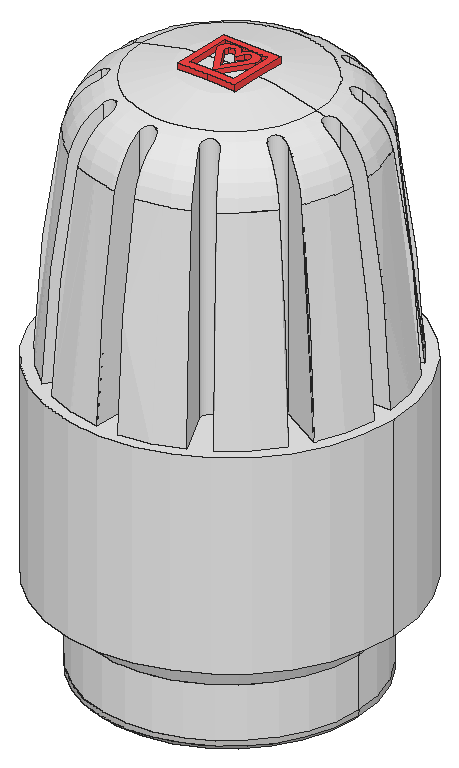
Revit family "Термостатическая головка ГЕРЦКУЛЕС в сверхпрочном исполнении,  с присоединительной резьбой М 28х1.5, 9860", category Rohrzubehör, Revit 2018
Family settings
  Bemaßung runder Anschluss = Durchmesser verwenden
  Teiletyp = Normal
  OmniClass-Nummer = 23.65.55.14
  OmniClass-Titel = Valves for Liquid Services
  Arbeitsebenenbasiert = Nein
  Immer vertikal = Nein
  Beim Laden mit Abzugskörper schneiden = Nein
  Gemeinsam genutzt = Nein
Parameters
  Принцип действия = "HERZ-термостатическая головка является датчиком прямого регулирования.\r\nИзменение объема жидкости в HERZ-гидросенсоре приводит в движение шток клапана."
  Область применения = "\"ГЕРЦКУЛЕС\" термостатическая головка предназначена для монтажа на всех HERZ-клапанах, предназначенных для термостатической работы."
  Номер заказа = 1986010  # constant formula
  Маховик = "Пластик, белый"  # constant formula
  Исполнение = "Термостатическая головка \"ГЕРЦКУЛЕС\" в сверхпрочном исполнении с защитой от вандализма, кражи и неумелого обращения. Монтаж, демонтаж и настройка необходимых значений возможны только с помощью специальных ключей. Положение настройки блокируется, заблокированная позиция настройки в рабочем состоянии скрыта от доступа.  С позицией морозозащиты."
  Диапазон регулирования = "8 - 26°C"  # constant formula
  URL = "www.herz-armaturen.ru"
  S02 = 60.000 mm  # constant formula
  S01 = 81.000 mm  # constant formula
  Hersteller = "HERZ Armaturen Ges.m.b.H."  # constant formula
Reference planes
  plane 1 "Mitte (Vorne/hinten)": y = 0
  plane 2: z = 0
  plane 3 "Mitte (Links/rechts)": x = 0
Forms (mm)
  Revolve 1, solid, material "Kunststoff weiß", detail levels fine
    sketch origin (0, 0, 0) x (1, 0, 0) y (0, 0, 1)
      loop
        line (-20.5, -3.5) -> (-14, -3.5) -> (-14, 0) -> (0, 0) -> (0, 81)
        arc (0, 81) -> (-6.982, 80.51) -> (-13.827, 79.05) r 50
        arc (-13.827, 79.05) -> (-18.34, 76.173) -> (-20.722, 71.381) r 10
        arc (-20.722, 71.381) -> (-23.123, 55.561) -> (-24.254, 39.6) r 200.5
        line (-24.254, 39.6) -> (-26, 39.6) -> (-26, 9) -> (-23.156, 9) -> (-20.5, 4.4) -> (-20.5, -3.5)
      axis (0, 81) -> (0, -3.5)
    angle from 0 to 360
  Revolve 2, solid, material "Messing verzinkt", detail levels fine
    sketch origin (0, 0, -5) x (1, 0, 0) y (0, 0, 1)
      loop
        line (-14, 0) -> (-14, 1.5) -> (-20.5, 1.5) -> (-20.5, 0.7) -> (-19.8, 0) -> (-14, 0)
      axis (0, 1.5) -> (0, 0)
    angle from 0 to 360
  Extrusion 3, void
    sketch origin (0, 0, 0) x (1, 0, 0) y (0, 1, 0)
      loop
        line (1.7, -24.289) -> (1.331, -16.288)
        arc (1.331, -16.288) -> (-0.021, -15) -> (-1.366, -16.294) r 1.35
        line (-1.366, -16.294) -> (-1.7, -24.292)
        arc (-1.7, -24.292) -> (0, -24.35) -> (1.7, -24.289) r 24.35
      loop
        arc (-13.65, -20.176) -> (-12.208, -21.079) -> (-10.707, -21.879) r 24.35
        line (-10.707, -21.879) -> (-6.996, -14.785)
        arc (-6.996, -14.785) -> (-7.515, -12.992) -> (-9.329, -13.431) r 1.35
        line (-9.329, -13.431) -> (-13.65, -20.176)
      loop
        line (-20.194, -13.632) -> (-13.449, -9.312)
        arc (-13.449, -9.312) -> (-13.009, -7.497) -> (-14.803, -6.979) r 1.35
        line (-14.803, -6.979) -> (-21.896, -10.689)
        arc (-21.896, -10.689) -> (-21.097, -12.19) -> (-20.194, -13.632) r 24.35
      loop
        arc (-24.307, 1.718) -> (-24.368, 0.018) -> (-24.309, -1.682) r 24.35
        line (-24.309, -1.682) -> (-16.311, -1.349)
        arc (-16.311, -1.349) -> (-15.018, -0.003) -> (-16.305, 1.349) r 1.35
        line (-16.305, 1.349) -> (-24.307, 1.718)
      loop
        arc (1.7, 24.289) -> (0, 24.35) -> (-1.7, 24.292) r 24.35
        line (-1.7, 24.292) -> (-1.366, 16.294)
        arc (-1.366, 16.294) -> (-0.021, 15) -> (1.331, 16.288) r 1.35
        line (1.331, 16.288) -> (1.7, 24.289)
      loop
        line (-13.65, 20.176) -> (-9.329, 13.431)
        arc (-9.329, 13.431) -> (-7.515, 12.992) -> (-6.996, 14.785) r 1.35
        line (-6.996, 14.785) -> (-10.707, 21.879)
        arc (-10.707, 21.879) -> (-12.208, 21.079) -> (-13.65, 20.176) r 24.35
      loop
        arc (-20.194, 13.632) -> (-21.097, 12.19) -> (-21.896, 10.689) r 24.35
        line (-21.896, 10.689) -> (-14.803, 6.979)
        arc (-14.803, 6.979) -> (-13.009, 7.497) -> (-13.449, 9.312) r 1.35
        line (-13.449, 9.312) -> (-20.194, 13.632)
      loop
        line (24.307, 1.718) -> (16.305, 1.349)
        arc (16.305, 1.349) -> (15.018, -0.003) -> (16.311, -1.349) r 1.35
        line (16.311, -1.349) -> (24.309, -1.682)
        arc (24.309, -1.682) -> (24.368, 0.018) -> (24.307, 1.718) r 24.35
      loop
        arc (13.65, 20.176) -> (12.208, 21.079) -> (10.707, 21.879) r 24.35
        line (10.707, 21.879) -> (6.996, 14.785)
        arc (6.996, 14.785) -> (7.515, 12.992) -> (9.329, 13.431) r 1.35
        line (9.329, 13.431) -> (13.65, 20.176)
      loop
        line (20.194, 13.632) -> (13.449, 9.312)
        arc (13.449, 9.312) -> (13.009, 7.497) -> (14.803, 6.979) r 1.35
        line (14.803, 6.979) -> (21.896, 10.689)
        arc (21.896, 10.689) -> (21.097, 12.19) -> (20.194, 13.632) r 24.35
      loop
        line (13.65, -20.176) -> (9.329, -13.431)
        arc (9.329, -13.431) -> (7.515, -12.992) -> (6.996, -14.785) r 1.35
        line (6.996, -14.785) -> (10.707, -21.879)
        arc (10.707, -21.879) -> (12.208, -21.079) -> (13.65, -20.176) r 24.35
      loop
        arc (20.194, -13.632) -> (21.097, -12.19) -> (21.896, -10.689) r 24.35
        line (21.896, -10.689) -> (14.803, -6.979)
        arc (14.803, -6.979) -> (13.009, -7.497) -> (13.449, -9.312) r 1.35
        line (13.449, -9.312) -> (20.194, -13.632)
    from 39.6 to 90
Cuts and joins
  Extrusion 3 cuts Revolve 1
Lines and regions (mm)
  model lines, detail levels coarse+medium
    curve 1: line (0, 0, 0) -> (0, 0, 21)
    curve 2: line (0, -0.017, 0) -> (0, 21, 0)
    curve 3: circle (0, 0, 51) r 30 normal (0, -1, 0)
    curve 4: circle (0, 0, 51) r 30 normal (1, 0, 0)
    curve 5: line (0, 0, 31) -> (0, 0, 71)
    curve 6: line (0, 17.5, 71) -> (0, -17.5, 71)
    curve 7: line (0, 0, 31) -> (0, 0, 71)
    curve 8: line (-17.5, 0, 71) -> (17.5, 0, 71)
    curve 9: circle (0, 51, 0) r 30 normal (0, 0, 1)
    curve 10: line (0, 31, 0) -> (0, 71, 0)
    curve 11: line (-17.5, 71, 0) -> (17.5, 71, 0)
Dimensions and locks
  nested 1 to plane 2 = 80.000 mm
  "S01": curve 4 to plane 2
  "S01": curve 3 to plane 2
  "S01": plane 1 "Mitte (Vorne/hinten)" to curve 9
  "S02": diameter of curve 3
  "S02": diameter of curve 4
  "S02": diameter of curve 9
  aligned and locked: level to plane 2
Automatic sketch dimensions
  Revolve 1 sketch curve to level = 0.000 mm
  Revolve 1 sketch curve to plane 3 "Mitte (Links/rechts)" = 0.000 mm  (x2)
  Revolve 1 sketch curve to plane 3 "Mitte (Links/rechts)" = 10.903 mm
  Revolve 1 sketch curve to plane 3 "Mitte (Links/rechts)" = 14.000 mm
  Revolve 1 sketch curve to Revolve 1 sketch curve = 6.500 mm
  level to Revolve 1 sketch curve = 9.000 mm
  Revolve 1 sketch curve to Revolve 1 sketch curve = 2.656 mm
  Revolve 1 sketch curve to plane 3 "Mitte (Links/rechts)" = 24.254 mm
  Revolve 1 sketch curve to Revolve 1 sketch curve = 1.746 mm
  level to Revolve 1 sketch curve = 33.411 mm
  plane 3 "Mitte (Links/rechts)" to Revolve 1 sketch curve = 176.150 mm
  Revolve 1 sketch curve to level = 3.500 mm
  level to Revolve 1 sketch curve = 4.400 mm
  level to Revolve 1 sketch curve = 31.000 mm
  Revolve 1 sketch curve to Revolve 1 sketch curve = 8.600 mm
  Revolve 1 sketch curve to Revolve 1 sketch curve = 29.887 mm
  Revolve 1 sketch curve to Revolve 1 sketch curve = 11.513 mm
  Revolve 1 sketch curve to Revolve 1 sketch curve = 2.925 mm
  level to Revolve 1 sketch curve = 5.000 mm
  Revolve 1 sketch curve to Revolve 1 sketch curve = 2133.315 mm
  Revolve 2 sketch curve to plane 3 "Mitte (Links/rechts)" = 0.000 mm
  Revolve 2 sketch curve to level = 5.000 mm
  Revolve 2 sketch curve to plane 3 "Mitte (Links/rechts)" = 14.000 mm
  Revolve 2 sketch curve to Revolve 2 sketch curve = 5.800 mm
  Revolve 2 sketch curve to Revolve 2 sketch curve = 0.700 mm  (x2)
  Revolve 2 sketch curve to Revolve 2 sketch curve = 1.500 mm
  Revolve 2 sketch curve to Revolve 2 sketch curve = 366.045 mm
  level to Revolve 2 sketch curve = 2209.315 mm
  Extrusion 3 sketch curve to Extrusion 3 sketch curve = 0.000 mm  (x62)
  plane 1 "Mitte (Vorne/hinten)" to Extrusion 3 sketch curve = 0.000 mm  (x4)
  plane 1 "Mitte (Vorne/hinten)" to Extrusion 3 sketch curve = 1.682 mm  (x2)
  Extrusion 3 sketch curve to plane 3 "Mitte (Links/rechts)" = 24.309 mm
  Extrusion 3 sketch curve to plane 1 "Mitte (Vorne/hinten)" = 1.718 mm  (x2)
  Extrusion 3 sketch curve to Extrusion 3 sketch curve = 0.002 mm
  plane 1 "Mitte (Vorne/hinten)" to Extrusion 3 sketch curve = 10.689 mm  (x2)
  Extrusion 3 sketch curve to Extrusion 3 sketch curve = 2.413 mm
  plane 1 "Mitte (Vorne/hinten)" to Extrusion 3 sketch curve = 13.632 mm
  Extrusion 3 sketch curve to Extrusion 3 sketch curve = 4.113 mm
  Extrusion 3 sketch curve to Extrusion 3 sketch curve = 7.942 mm
  plane 1 "Mitte (Vorne/hinten)" to Extrusion 3 sketch curve = 1.349 mm  (x2)
  Extrusion 3 sketch curve to Extrusion 3 sketch curve = 0.056 mm
  Extrusion 3 sketch curve to plane 1 "Mitte (Vorne/hinten)" = 1.349 mm  (x2)
  Extrusion 3 sketch curve to plane 1 "Mitte (Vorne/hinten)" = 6.979 mm  (x2)
  Extrusion 3 sketch curve to Extrusion 3 sketch curve = 1.503 mm  (x4)
  plane 1 "Mitte (Vorne/hinten)" to Extrusion 3 sketch curve = 6.979 mm  (x2)
  Extrusion 3 sketch curve to Extrusion 3 sketch curve = 1.509 mm
  Extrusion 3 sketch curve to Extrusion 3 sketch curve = 0.626 mm  (x6)
  Extrusion 3 sketch curve to Extrusion 3 sketch curve = 6.544 mm  (x2)
  Extrusion 3 sketch curve to plane 1 "Mitte (Vorne/hinten)" = 9.312 mm
  Extrusion 3 sketch curve to Extrusion 3 sketch curve = 0.728 mm  (x6)
  plane 1 "Mitte (Vorne/hinten)" to Extrusion 3 sketch curve = 9.312 mm
  Extrusion 3 sketch curve to Extrusion 3 sketch curve = 2.943 mm  (x4)
  Extrusion 3 sketch curve to Extrusion 3 sketch curve = 4.120 mm  (x6)
  Extrusion 3 sketch curve to Extrusion 3 sketch curve = 1.137 mm  (x4)
  Extrusion 3 sketch curve to Extrusion 3 sketch curve = 1.196 mm  (x5)
  Extrusion 3 sketch curve to plane 3 "Mitte (Links/rechts)" = 1.700 mm  (x2)
  Extrusion 3 sketch curve to plane 3 "Mitte (Links/rechts)" = 1.366 mm  (x2)
  Extrusion 3 sketch curve to plane 3 "Mitte (Links/rechts)" = 0.018 mm  (x2)
  plane 3 "Mitte (Links/rechts)" to Extrusion 3 sketch curve = 0.018 mm
  plane 3 "Mitte (Links/rechts)" to Extrusion 3 sketch curve = 1.331 mm  (x2)
  plane 3 "Mitte (Links/rechts)" to Extrusion 3 sketch curve = 1.700 mm  (x2)
  Extrusion 3 sketch curve to Extrusion 3 sketch curve = 5.665 mm  (x2)
  Extrusion 3 sketch curve to Extrusion 3 sketch curve = 3.710 mm  (x2)
  Extrusion 3 sketch curve to Extrusion 3 sketch curve = 0.006 mm  (x3)
  Extrusion 3 sketch curve to Extrusion 3 sketch curve = 6.745 mm  (x6)
  Extrusion 3 sketch curve to Extrusion 3 sketch curve = 1.702 mm  (x3)
  Extrusion 3 sketch curve to plane 1 "Mitte (Vorne/hinten)" = 10.689 mm  (x2)
  Extrusion 3 sketch curve to Extrusion 3 sketch curve = 8.002 mm  (x3)
  Extrusion 3 sketch curve to Extrusion 3 sketch curve = 7.181 mm
  Extrusion 3 sketch curve to Extrusion 3 sketch curve = 4.848 mm
  Extrusion 3 sketch curve to Extrusion 3 sketch curve = 2.333 mm
  Extrusion 3 sketch curve to Extrusion 3 sketch curve = 4.320 mm
  curve 5 to plane 1 "Mitte (Vorne/hinten)" = 0.000 mm
  curve 4 to plane 1 "Mitte (Vorne/hinten)" = 0.000 mm
  plane 1 "Mitte (Vorne/hinten)" to curve 6 = 17.500 mm
  curve 5 to curve 6 = 17.500 mm
  curve 5 to curve 4 = 20.000 mm
  curve 4 to curve 6 = 20.000 mm
  curve 3 to plane 3 "Mitte (Links/rechts)" = 0.000 mm
  curve 7 to plane 3 "Mitte (Links/rechts)" = 0.000 mm
  curve 1 to plane 3 "Mitte (Links/rechts)" = 0.000 mm
  curve 1 to level = 0.000 mm
  curve 8 to curve 7 = 17.500 mm
  plane 3 "Mitte (Links/rechts)" to curve 8 = 17.500 mm
  curve 1 to curve 7 = 10.000 mm
  curve 3 to curve 8 = 20.000 mm
  curve 9 to plane 3 "Mitte (Links/rechts)" = 0.000 mm
  curve 10 to plane 3 "Mitte (Links/rechts)" = 0.000 mm
  curve 2 to plane 3 "Mitte (Links/rechts)" = 0.000 mm
  curve 11 to curve 10 = 17.500 mm
  plane 3 "Mitte (Links/rechts)" to curve 11 = 17.500 mm
  plane 1 "Mitte (Vorne/hinten)" to curve 2 = 0.017 mm
  curve 2 to curve 10 = 10.000 mm
  curve 9 to curve 11 = 20.000 mm
Nested families
  nested 1: "Herz-Logo" at (0, 0, 80), type "Herz-Logo", detail levels fine
Definition of nested family "Herz-Logo"
  Reference planes
    plane 1 "Mitte (Vorne/hinten)": y = 0
    plane 2: z = 0
    plane 3 "Mitte (Links/rechts)": x = 0
  Forms (mm)
    Extrusion 1, solid
      sketch origin (0, 0, 0) x (1, 0, 0) y (0, 1, 0)
        loop
          line (-0.018, -4.517) -> (4.482, -4.517) -> (4.482, 4.483) -> (-4.518, 4.483) -> (-4.518, -4.517) -> (-0.018, -4.517)
        loop
          line (-0.05, -3.48) -> (3.482, -3.48) -> (3.482, 3.483) -> (-3.518, 3.483) -> (-3.518, -3.48) -> (-0.05, -3.48)
        loop
          arc (-0.018, 2.383) -> (-1.543, 3.287) -> (-3.067, 2.383) r 1.738
          arc (-3.067, 2.383) -> (-3.191, 1.899) -> (-3.067, 1.415) r 1.009
          line (-3.067, 1.415) -> (-0.018, -3.281) -> (3.032, 1.415)
          arc (3.032, 1.415) -> (3.156, 1.899) -> (3.032, 2.383) r 1.009
          arc (3.032, 2.383) -> (1.507, 3.287) -> (-0.018, 2.383) r 1.738
        loop
          arc (1.885, 1.272) -> (2.005, 1.675) -> (1.885, 2.079) r 0.74
          arc (1.885, 2.079) -> (1.265, 2.416) -> (0.644, 2.079) r 0.74
          line (0.644, 2.079) -> (-0.018, 0.97) -> (-0.679, 2.079)
          arc (-0.679, 2.079) -> (-1.3, 2.416) -> (-1.921, 2.079) r 0.74
          arc (-1.921, 2.079) -> (-2.04, 1.675) -> (-1.921, 1.272) r 0.74
          line (-1.921, 1.272) -> (-0.018, -1.658) -> (1.885, 1.272)
      from 0 to 1.5
  Dimensions and locks
    aligned and locked: level to plane 2
